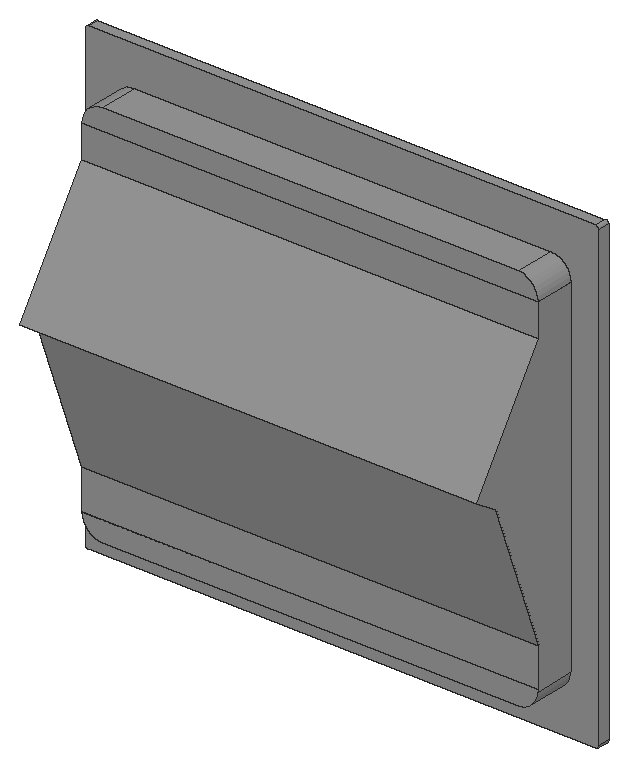
Revit family "L&L_LUCE&LIGHT_PASITO_1.1", category Lighting Fixtures, host Wall, Revit 2018
Family settings
  Host = Wall
  Round Connector Dimension = Use Diameter
  Part Type = Normal
  OmniClass Number = 23.80.00.00
  OmniClass Title = Electric Power and Lighting
  Always vertical = Yes
  Cut with Voids When Loaded = No
  Light Source = Yes
  Shared = No
  Room Calculation Point = No
Parameters (values of type "PASITO_1.1 – 60°")
  Wattage = 8.5 W
  WIDTH = 143.0 mm
  WEIGHT KG = 0.45
  URL IMAGE = "https://www.lucelight.it/media/prodotti/foto/pasito_1.1_still.jpg"
  URL DXF = "https://www.lucelight.it/media/prodotti/dxf/pasito_1.1.dxf"
  URL DESCRIPTION = "https://www.lucelight.it/en/capitolato.php/109964"
  URL CATALOGUE = "https://www.lucelight.it/media/prodotti/brochure/pasito_brochure_en.pdf"
  Type Comments = "recessed (wall)"
  THICKNESS = 43.0 mm
  TECHNICAL SHEET = "https://www.lucelight.it/media/prodotti/st/ST_PASITO_11.pdf"
  PROTECTION LEVEL = "IP 65"
  PRODUCT CODE CONFIGURATOR = "https://www.lucelight.it/en/prodotto.php/109964"
  POWER SUPPLY = "230Vac, 24Vdc"
  POWER CONSUMPTION = "10W (230Vac), 8.5W (24Vdc)"
  PHOTOMETRIC CURVE = ""
  MATERIAL DESCRIPTION = "body in technopolymer and aluminium"
  Lamp = "LED colour white: 2700K, 3000K, 4000K"
  LIGHT MATERIAL = LIGHT_GLASS
  LENGTH = 157.0 mm
  ILLUMINITECHNICAL PERFORMANCE = ""
  IES PHOTOMETRIC ARCHIVE = "https://www.lucelight.it/media/prodotti/fotometrie/pasito_1.1_ies.zip"
  ENERGY EFFIECIENCY CLASS = "A / A+ / A++"
  Dimming Lamp Color Temperature Shift = <None>
  URL = "https://www.lucelight.it/en/"
  built-in parameter 1150107 = 2700 (stored number, unit not read)
  Manufacturer = "L&L Luce&Light"
  built-in parameter 1150110 = 1 (stored number, unit not read)
  built-in parameter 1150109 = 1 (stored number, unit not read)
  built-in parameter 1114216 [instance] = (empty or 0)
  built-in parameter 1114218 = 1 (stored number, unit not read)
  built-in parameter 1150112 = 1 (stored number, unit not read)
  built-in parameter 1150142 = "IESNA:LM-63-2002\r\n[TEST] PASITO 11 30K80 60 ANTR - 20181002-1710.LDT\r\n[TESTLAB] L&L\r\n[TESTDATE] 2 Oct 2018\r\n[ISSUEDATE] 2 Oct 2018\r\n[MANUFAC] L&L\r\n[LUMCAT] PASITO 1.1 BE 60° [2700K 8.5W 24Vdc] white\r\n[LUMINAIRE] PASITO 1.1 BE 60° [2700K 8.5W 24Vdc] white\r\n[FLASHAREA] 0.000015\r\n[LAMPCAT] Power LED\r\n[LAMP] Power LED\r\nTILT=NONE\r\n1 272.00 1.0 181 73 1 2 0.002 0.030 0.000\r\n1.00 1.00 8.50\r\n0.00 1.00 2.00 3.00 4.00 5.00 6.00 7.00 8.00 9.00 10.00 \r\n11.00 12.00 13.00 14.00 15.00 16.00 17.00 18.00 19.00 \r\n20.00 21.00 22.00 23.00 24.00 25.00 26.00 27.00 28.00 \r\n29.00 30.00 31.00 32.00 33.00 34.00 35.00 36.00 37.00 \r\n38.00 39.00 40.00 41.00 42.00 43.00 44.00 45.00 46.00 \r\n47.00 48.00 49.00 50.00 51.00 52.00 53.00 54.00 55.00 \r\n56.00 57.00 58.00 59.00 60.00 61.00 62.00 63.00 64.00 \r\n65.00 66.00 67.00 68.00 69.00 70.00 71.00 72.00 73.00 \r\n74.00 75.00 76.00 77.00 78.00 79.00 80.00 81.00 82.00 \r\n83.00 84.00 85.00 86.00 87.00 88.00 89.00 90.00 91.00 \r\n92.00 93.00 94.00 95.00 96.00 97.00 98.00 99.00 100.00 \r\n101.00 102.00 103.00 104.00 105.00 106.00 107.00 108.00 \r\n109.00 110.00 111.00 112.00 113.00 114.00 115.00 116.00 \r\n117.00 118.00 119.00 120.00 121.00 122.00 123.00 124.00 \r\n125.00 126.00 127.00 128.00 129.00 130.00 131.00 132.00 \r\n133.00 134.00 135.00 136.00 137.00 138.00 139.00 140.00 \r\n141.00 142.00 143.00 144.00 145.00 146.00 147.00 148.00 \r\n149.00 150.00 151.00 152.00 153.00 154.00 155.00 156.00 \r\n157.00 158.00 159.00 160.00 161.00 162.00 163.00 164.00 \r\n165.00 166.00 167.00 168.00 169.00 170.00 171.00 172.00 \r\n173.00 174.00 175.00 176.00 177.00 178.00 179.00 180.00 \r\n0.00 5.00 10.00 15.00 20.00 25.00 30.00 35.00 40.00 45.00 \r\n50.00 55.00 60.00 65.00 70.00 75.00 80.00 85.00 90.00 \r\n95.00 100.00 105.00 110.00 115.00 120.00 125.00 130.00 \r\n135.00 140.00 145.00 150.00 155.00 160.00 165.00 170.00 \r\n175.00 180.00 185.00 190.00 195.00 200.00 205.00 210.00 \r\n215.00 220.00 225.00 230.00 235.00 240.00 245.00 250.00 \r\n255.00 260.00 265.00 270.00 275.00 280.00 285.00 290.00 \r\n295.00 300.00 305.00 310.00 315.00 320.00 325.00 330.00 \r\n335.00 340.00 345.00 350.00 355.00 360.00 \r\n0.07 0.07 0.07 0.07 0.07 0.07 0.07 0.07 0.07 0.07 0.07 \r\n0.07 0.07 0.07 0.08 0.08 0.08 0.08 0.08 0.09 0.09 0.09 \r\n0.09 0.09 0.10 0.10 0.10 0.10 0.11 0.11 0.11 0.11 0.11 \r\n0.12 0.12 0.12 0.12 0.13 0.13 0.13 0.13 0.14 0.14 0.14 \r\n0.14 0.15 0.15 0.15 0.15 0.15 0.16 0.16 0.16 0.16 0.17 \r\n0.17 0.17 0.17 0.17 0.17 0.18 0.18 0.18 0.18 0.18 0.18 \r\n0.19 0.19 0.19 0.19 0.19 0.19 0.19 0.19 0.20 0.20 0.20 \r\n0.20 0.20 0.20 0.20 0.20 0.21 0.21 0.21 0.21 0.21 0.21 \r\n0.21 0.21 0.22 0.22 0.22 0.22 0.22 0.22 0.22 0.22 0.22 \r\n0.22 0.22 0.22 0.22 0.22 0.22 0.22 0.22 0.22 0.22 0.21 \r\n0.21 0.21 0.21 0.21 0.21 0.20 0.20 0.20 0.20 0.19 0.19 \r\n0.19 0.19 0.18 0.18 0.18 0.18 0.18 0.17 0.17 0.17 0.17 \r\n0.16 0.16 0.16 0.15 0.15 0.15 0.14 0.14 0.14 0.13 0.13 \r\n0.13 0.12 0.12 0.11 0.11 0.11 0.10 0.10 0.09 0.09 0.09 \r\n0.08 0.08 0.08 0.07 0.07 0.07 0.06 0.06 0.06 0.06 0.05 \r\n0.05 0.05 0.05 0.04 0.04 0.04 0.04 0.04 0.04 0.04 0.04 \r\n0.04 0.03 0.03 0.02 0.02 \r\n0.07 0.07 0.06 0.05 0.04 0.04 0.03 0.02 0.02 0.01 0.01 \r\n0.00 0.00 0.00 0.00 0.00 0.00 0.00 0.00 0.00 0.00 0.00 \r\n0.00 0.00 0.00 0.00 0.00 0.00 0.00 0.00 0.00 0.00 0.00 \r\n0.00 0.00 0.00 0.00 0.00 0.00 0.00 0.00 0.00 0.00 0.00 \r\n0.00 0.00 0.00 0.00 0.00 0.00 0.00 0.00 0.00 0.00 0.00 \r\n0.00 0.00 0.00 0.00 0.00 0.00 0.00 0.00 0.00 0.00 0.00 \r\n0.00 0.00 0.00 0.00 0.00 0.00 0.00 0.00 0.00 0.00 0.00 \r\n0.00 0.00 0.00 0.00 0.00 0.00 0.00 0.00 0.00 0.00 0.00 \r\n0.00 0.00 0.00 0.00 0.00 0.00 0.00 0.00 0.00 0.00 0.00 \r\n0.00 0.00 0.00 0.00 0.00 0.00 0.00 0.00 0.00 0.00 0.00 \r\n0.00 0.00 0.00 0.00 0.00 0.00 0.00 0.00 0.00 0.00 0.00 \r\n0.00 0.00 0.00 0.00 0.00 0.00 0.00 0.00 0.00 0.00 0.00 \r\n0.00 0.00 0.00 0.00 0.00 0.00 0.00 0.00 0.00 0.00 0.00 \r\n0.00 0.00 0.00 0.00 0.00 0.00 0.00 0.00 0.00 0.00 0.00 \r\n0.00 0.00 0.00 0.00 0.00 0.00 0.00 0.00 0.00 0.00 0.00 \r\n0.00 0.00 0.00 0.00 0.00 0.00 0.01 0.01 0.01 0.01 0.02 \r\n0.02 0.02 0.02 0.02 0.02 \r\n0.07 0.06 0.05 0.03 0.02 0.01 0.00 0.00 0.00 0.00 0.00 \r\n0.00 0.00 0.00 0.00 0.00 0.00 0.00 0.00 0.00 0.00 0.00 \r\n0.00 0.00 0.00 0.00 0.00 0.00 0.00 0.00 0.00 0.00 0.00 \r\n0.00 0.00 0.00 0.00 0.00 0.00 0.00 0.00 0.00 0.00 0.00 \r\n0.00 0.00 0.00 0.00 0.00 0.00 0.00 0.00 0.00 0.00 0.00 \r\n0.00 0.00 0.00 0.00 0.00 0.00 0.00 0.00 0.00 0.00 0.00 \r\n0.00 0.00 0.00 0.00 0.00 0.00 0.00 0.00 0.00 0.00 0.00 \r\n0.00 0.00 0.00 0.00 0.00 0.00 0.00 0.00 0.00 0.00 0.00 \r\n0.00 0.00 0.00 0.00 0.00 0.00 0.00 0.00 0.00 0.00 0.00 \r\n0.00 0.00 0.00 0.00 0.00 0.00 0.00 0.00 0.00 0.00 0.00 \r\n0.00 0.00 0.00 0.00 0.00 0.00 0.00 0.00 0.00 0.00 0.00 \r\n0.00 0.00 0.00 0.00 0.00 0.00 0.00 0.00 0.00 0.00 0.00 \r\n0.00 0.00 0.00 0.00 0.00 0.00 0.00 0.00 0.00 0.00 0.00 \r\n0.00 0.00 0.00 0.00 0.00 0.00 0.00 0.00 0.00 0.00 0.00 \r\n0.00 0.00 0.00 0.00 0.00 0.00 0.00 0.00 0.00 0.00 0.00 \r\n0.00 0.00 0.00 0.00 0.00 0.00 0.00 0.00 0.00 0.00 0.00 \r\n0.01 0.01 0.02 0.02 0.02 \r\n0.07 0.05 0.04 0.02 0.00 0.00 0.00 0.00 0.00 0.00 0.00 \r\n0.00 0.00 0.00 0.00 0.00 0.00 0.00 0.00 0.00 0.00 0.00 \r\n0.00 0.00 0.00 0.00 0.00 0.00 0.00 0.00 0.00 0.00 0.00 \r\n0.00 0.00 0.00 0.00 0.00 0.00 0.00 0.00 0.00 0.00 0.00 \r\n0.00 0.00 0.00 0.00 0.00 0.00 0.00 0.00 0.00 0.00 0.00 \r\n0.00 0.00 0.00 0.00 0.00 0.00 0.00 0.00 0.00 0.00 0.00 \r\n0.00 0.00 0.00 0.00 0.00 0.00 0.00 0.00 0.00 0.00 0.00 \r\n0.00 0.00 0.00 0.00 0.00 0.00 0.00 0.00 0.00 0.00 0.00 \r\n0.00 0.00 0.00 0.00 0.00 0.00 0.00 0.00 0.00 0.00 0.00 \r\n0.00 0.00 0.00 0.00 0.00 0.00 0.00 0.00 0.00 0.00 0.00 \r\n0.00 0.00 0.00 0.00 0.00 0.00 0.00 0.00 0.00 0.00 0.00 \r\n0.00 0.00 0.00 0.00 0.00 0.00 0.00 0.00 0.00 0.00 0.00 \r\n0.00 0.00 0.00 0.00 0.00 0.00 0.00 0.00 0.00 0.00 0.00 \r\n0.00 0.00 0.00 0.00 0.00 0.00 0.00 0.00 0.00 0.00 0.00 \r\n0.00 0.00 0.00 0.00 0.00 0.00 0.00 0.00 0.00 0.00 0.00 \r\n0.00 0.00 0.00 0.00 0.00 0.00 0.00 0.00 0.00 0.00 0.00 \r\n0.00 0.01 0.01 0.02 0.02 \r\n0.07 0.05 0.02 0.00 0.00 0.00 0.00 0.00 0.00 0.00 0.00 \r\n0.00 0.00 0.00 0.00 0.00 0.00 0.00 0.00 0.00 0.00 0.00 \r\n0.00 0.00 0.00 0.00 0.00 0.00 0.00 0.00 0.00 0.00 0.00 \r\n0.00 0.00 0.00 0.00 0.00 0.00 0.00 0.00 0.00 0.00 0.00 \r\n0.00 0.00 0.00 0.00 0.00 0.00 0.00 0.00 0.00 0.00 0.00 \r\n0.00 0.00 0.00 0.00 0.00 0.00 0.00 0.00 0.00 0.00 0.00 \r\n0.00 0.00 0.00 0.00 0.00 0.00 0.00 0.00 0.00 0.00 0.00 \r\n0.00 0.00 0.00 0.00 0.00 0.00 0.00 0.00 0.00 0.00 0.00 \r\n0.00 0.00 0.00 0.00 0.00 0.00 0.00 0.00 0.00 0.00 0.00 \r\n0.00 0.00 0.00 0.00 0.00 0.00 0.00 0.00 0.00 0.00 0.00 \r\n0.00 0.00 0.00 0.00 0.00 0.00 0.00 0.00 0.00 0.00 0.00 \r\n0.00 0.00 0.00 0.00 0.00 0.00 0.00 0.00 0.00 0.00 0.00 \r\n0.00 0.00 0.00 0.00 0.00 0.00 0.00 0.00 0.00 0.00 0.00 \r\n0.00 0.00 0.00 0.00 0.00 0.00 0.00 0.00 0.00 0.00 0.00 \r\n0.00 0.00 0.00 0.00 0.00 0.00 0.00 0.00 0.00 0.00 0.00 \r\n0.00 0.00 0.00 0.00 0.00 0.00 0.00 0.00 0.00 0.00 0.00 \r\n0.00 0.00 0.01 0.01 0.02 \r\n0.07 0.04 0.01 0.00 0.00 0.00 0.00 0.00 0.00 0.00 0.00 \r\n0.00 0.00 0.00 0.00 0.00 0.00 0.00 0.00 0.00 0.00 0.00 \r\n0.00 0.00 0.00 0.00 0.00 0.00 0.00 0.00 0.00 0.00 0.00 \r\n0.00 0.00 0.00 0.00 0.00 0.00 0.00 0.00 0.00 0.00 0.00 \r\n0.00 0.00 0.00 0.00 0.00 0.00 0.00 0.00 0.00 0.00 0.00 \r\n0.00 0.00 0.00 0.00 0.00 0.00 0.00 0.00 0.00 0.00 0.00 \r\n0.00 0.00 0.00 0.00 0.00 0.00 0.00 0.00 0.00 0.00 0.00 \r\n0.00 0.00 0.00 0.00 0.00 0.00 0.00 0.00 0.00 0.00 0.00 \r\n0.00 0.00 0.00 0.00 0.00 0.00 0.00 0.00 0.00 0.00 0.00 \r\n0.00 0.00 0.00 0.00 0.00 0.00 0.00 0.00 0.00 0.00 0.00 \r\n0.00 0.00 0.00 0.00 0.00 0.00 0.00 0.00 0.00 0.00 0.00 \r\n0.00 0.00 0.00 0.00 0.00 0.00 0.00 0.00 0.00 0.00 0.00 \r\n0.00 0.00 0.00 0.00 0.00 0.00 0.00 0.00 0.00 0.00 0.00 \r\n0.00 0.00 0.00 0.00 0.00 0.00 0.00 0.00 0.00 0.00 0.00 \r\n0.00 0.00 0.00 0.00 0.00 0.00 0.00 0.00 0.00 0.00 0.00 \r\n0.00 0.00 0.00 0.00 0.00 0.00 0.00 0.00 0.00 0.00 0.00 \r\n0.00 0.00 0.00 0.01 0.02 \r\n0.07 0.04 0.00 0.00 0.00 0.00 0.00 0.00 0.00 0.00 0.00 \r\n0.00 0.00 0.00 0.00 0.00 0.00 0.00 0.00 0.00 0.00 0.00 \r\n0.00 0.00 0.00 0.00 0.00 0.00 0.00 0.00 0.00 0.00 0.00 \r\n0.00 0.00 0.00 0.00 0.00 0.00 0.00 0.00 0.00 0.00 0.00 \r\n0.00 0.00 0.00 0.00 0.00 0.00 0.00 0.00 0.00 0.00 0.00 \r\n0.00 0.00 0.00 0.00 0.00 0.00 0.00 0.00 0.00 0.00 0.00 \r\n0.00 0.00 0.00 0.00 0.00 0.00 0.00 0.00 0.00 0.00 0.00 \r\n0.00 0.00 0.00 0.00 0.00 0.00 0.00 0.00 0.00 0.00 0.00 \r\n0.00 0.00 0.00 0.00 0.00 0.00 0.00 0.00 0.00 0.00 0.00 \r\n0.00 0.00 0.00 0.00 0.00 0.00 0.00 0.00 0.00 0.00 0.00 \r\n0.00 0.00 0.00 0.00 0.00 0.00 0.00 0.00 0.00 0.00 0.00 \r\n0.00 0.00 0.00 0.00 0.00 0.00 0.00 0.00 0.00 0.00 0.00 \r\n0.00 0.00 0.00 0.00 0.00 0.00 0.00 0.00 0.00 0.00 0.00 \r\n0.00 0.00 0.00 0.00 0.00 0.00 0.00 0.00 0.00 0.00 0.00 \r\n0.00 0.00 0.00 0.00 0.00 0.00 0.00 0.00 0.00 0.00 0.00 \r\n0.00 0.00 0.00 0.00 0.00 0.00 0.00 0.00 0.00 0.00 0.00 \r\n0.00 0.00 0.00 0.01 0.02 \r\n0.07 0.03 0.00 0.00 0.00 0.00 0.00 0.00 0.00 0.00 0.00 \r\n0.00 0.00 0.00 0.00 0.00 0.00 0.00 0.00 0.00 0.00 0.00 \r\n0.00 0.00 0.00 0.00 0.00 0.00 0.00 0.00 0.00 0.00 0.00 \r\n0.00 0.00 0.00 0.00 0.00 0.00 0.00 0.00 0.00 0.00 0.00 \r\n0.00 0.00 0.00 0.00 0.00 0.00 0.00 0.00 0.00 0.00 0.00 \r\n0.00 0.00 0.00 0.00 0.00 0.00 0.00 0.00 0.00 0.00 0.00 \r\n0.00 0.00 0.00 0.00 0.00 0.00 0.00 0.00 0.00 0.00 0.00 \r\n0.00 0.00 0.00 0.00 0.00 0.00 0.00 0.00 0.00 0.00 0.00 \r\n0.00 0.00 0.00 0.00 0.00 0.00 0.00 0.00 0.00 0.00 0.00 \r\n0.00 0.00 0.00 0.00 0.00 0.00 0.00 0.00 0.00 0.00 0.00 \r\n0.00 0.00 0.00 0.00 0.00 0.00 0.00 0.00 0.00 0.00 0.00 \r\n0.00 0.00 0.00 0.00 0.00 0.00 0.00 0.00 0.00 0.00 0.00 \r\n0.00 0.00 0.00 0.00 0.00 0.00 0.00 0.00 0.00 0.00 0.00 \r\n0.00 0.00 0.00 0.00 0.00 0.00 0.00 0.00 0.00 0.00 0.00 \r\n0.00 0.00 0.00 0.00 0.00 0.00 0.00 0.00 0.00 0.00 0.00 \r\n0.00 0.00 0.00 0.00 0.00 0.00 0.00 0.00 0.00 0.00 0.00 \r\n0.00 0.00 0.00 0.01 0.02 \r\n0.07 0.03 0.00 0.00 0.00 0.00 0.00 0.00 0.00 0.00 0.00 \r\n0.00 0.00 0.00 0.00 0.00 0.00 0.00 0.00 0.00 0.00 0.00 \r\n0.00 0.00 0.00 0.00 0.00 0.00 0.00 0.00 0.00 0.00 0.00 \r\n0.00 0.00 0.00 0.00 0.00 0.00 0.00 0.00 0.00 0.00 0.00 \r\n0.00 0.00 0.00 0.00 0.00 0.00 0.00 0.00 0.00 0.00 0.00 \r\n0.00 0.00 0.00 0.00 0.00 0.00 0.00 0.00 0.00 0.00 0.00 \r\n0.00 0.00 0.00 0.00 0.00 0.00 0.00 0.00 0.00 0.00 0.00 \r\n0.00 0.00 0.00 0.00 0.00 0.00 0.00 0.00 0.00 0.00 0.00 \r\n0.00 0.00 0.00 0.00 0.00 0.00 0.00 0.00 0.00 0.00 0.00 \r\n0.00 0.00 0.00 0.00 0.00 0.00 0.00 0.00 0.00 0.00 0.00 \r\n0.00 0.00 0.00 0.00 0.00 0.00 0.00 0.00 0.00 0.00 0.00 \r\n0.00 0.00 0.00 0.00 0.00 0.00 0.00 0.00 0.00 0.00 0.00 \r\n0.00 0.00 0.00 0.00 0.00 0.00 0.00 0.00 0.00 0.00 0.00 \r\n0.00 0.00 0.00 0.00 0.00 0.00 0.00 0.00 0.00 0.00 0.00 \r\n0.00 0.00 0.00 0.00 0.00 0.00 0.00 0.00 0.00 0.00 0.00 \r\n0.00 0.00 0.00 0.00 0.00 0.00 0.00 0.00 0.00 0.00 0.00 \r\n0.00 0.00 0.00 0.01 0.02 \r\n0.07 0.02 0.00 0.00 0.00 0.00 0.00 0.00 0.00 0.00 0.00 \r\n0.00 0.00 0.00 0.00 0.00 0.00 0.00 0.00 0.00 0.00 0.00 \r\n0.00 0.00 0.00 0.00 0.00 0.00 0.00 0.00 0.00 0.00 0.00 \r\n0.00 0.00 0.00 0.00 0.00 0.00 0.00 0.00 0.00 0.00 0.00 \r\n0.00 0.00 0.00 0.00 0.00 0.00 0.00 0.00 0.00 0.00 0.00 \r\n0.00 0.00 0.00 0.00 0.00 0.00 0.00 0.00 0.00 0.00 0.00 \r\n0.00 0.00 0.00 0.00 0.00 0.00 0.00 0.00 0.00 0.00 0.00 \r\n0.00 0.00 0.00 0.00 0.00 0.00 0.00 0.00 0.00 0.00 0.00 \r\n0.00 0.00 0.00 0.00 0.00 0.00 0.00 0.00 0.00 0.00 0.00 \r\n0.00 0.00 0.00 0.00 0.00 0.00 0.00 0.00 0.00 0.00 0.00 \r\n0.00 0.00 0.00 0.00 0.00 0.00 0.00 0.00 0.00 0.00 0.00 \r\n0.00 0.00 0.00 0.00 0.00 0.00 0.00 0.00 0.00 0.00 0.00 \r\n0.00 0.00 0.00 0.00 0.00 0.00 0.00 0.00 0.00 0.00 0.00 \r\n0.00 0.00 0.00 0.00 0.00 0.00 0.00 0.00 0.00 0.00 0.00 \r\n0.00 0.00 0.00 0.00 0.00 0.00 0.00 0.00 0.00 0.00 0.00 \r\n0.00 0.00 0.00 0.00 0.00 0.00 0.00 0.00 0.00 0.00 0.00 \r\n0.00 0.00 0.00 0.00 0.02 \r\n0.07 0.02 0.00 0.00 0.00 0.00 0.00 0.00 0.00 0.00 0.00 \r\n0.00 0.00 0.00 0.00 0.00 0.00 0.00 0.00 0.00 0.00 0.00 \r\n0.00 0.00 0.00 0.00 0.00 0.00 0.00 0.00 0.00 0.00 0.00 \r\n0.00 0.00 0.00 0.00 0.00 0.00 0.00 0.00 0.00 0.00 0.00 \r\n0.00 0.00 0.00 0.00 0.00 0.00 0.00 0.00 0.00 0.00 0.00 \r\n0.00 0.00 0.00 0.00 0.00 0.00 0.00 0.00 0.00 0.00 0.00 \r\n0.00 0.00 0.00 0.00 0.00 0.00 0.00 0.00 0.00 0.00 0.00 \r\n0.00 0.00 0.00 0.00 0.00 0.00 0.00 0.00 0.00 0.00 0.00 \r\n0.00 0.00 0.00 0.00 0.00 0.00 0.00 0.00 0.00 0.00 0.00 \r\n0.00 0.00 0.00 0.00 0.00 0.00 0.00 0.00 0.00 0.00 0.00 \r\n0.00 0.00 0.00 0.00 0.00 0.00 0.00 0.00 0.00 0.00 0.00 \r\n0.00 0.00 0.00 0.00 0.00 0.00 0.00 0.00 0.00 0.00 0.00 \r\n0.00 0.00 0.00 0.00 0.00 0.00 0.00 0.00 0.00 0.00 0.00 \r\n0.00 0.00 0.00 0.00 0.00 0.00 0.00 0.00 0.00 0.00 0.00 \r\n0.00 0.00 0.00 0.00 0.00 0.00 0.00 0.00 0.00 0.00 0.00 \r\n0.00 0.00 0.00 0.00 0.00 0.00 0.00 0.00 0.00 0.00 0.00 \r\n0.00 0.00 0.00 0.00 0.02 \r\n0.07 0.01 0.00 0.00 0.00 0.00 0.00 0.00 0.00 0.00 0.00 \r\n0.00 0.00 0.00 0.00 0.00 0.00 0.00 0.00 0.00 0.00 0.00 \r\n0.00 0.00 0.00 0.00 0.00 0.00 0.00 0.00 0.00 0.00 0.00 \r\n0.00 0.00 0.00 0.00 0.00 0.00 0.00 0.00 0.00 0.00 0.00 \r\n0.00 0.00 0.00 0.00 0.00 0.00 0.00 0.00 0.00 0.00 0.00 \r\n0.00 0.00 0.00 0.00 0.00 0.00 0.00 0.00 0.00 0.00 0.00 \r\n0.00 0.00 0.00 0.00 0.00 0.00 0.00 0.00 0.00 0.00 0.00 \r\n0.00 0.00 0.00 0.00 0.00 0.00 0.00 0.00 0.00 0.00 0.00 \r\n0.00 0.00 0.00 0.00 0.00 0.00 0.00 0.00 0.00 0.00 0.00 \r\n0.00 0.00 0.00 0.00 0.00 0.00 0.00 0.00 0.00 0.00 0.00 \r\n0.00 0.00 0.00 0.00 0.00 0.00 0.00 0.00 0.00 0.00 0.00 \r\n0.00 0.00 0.00 0.00 0.00 0.00 0.00 0.00 0.00 0.00 0.00 \r\n0.00 0.00 0.00 0.00 0.00 0.00 0.00 0.00 0.00 0.00 0.00 \r\n0.00 0.00 0.00 0.00 0.00 0.00 0.00 0.00 0.00 0.00 0.00 \r\n0.00 0.00 0.00 0.00 0.00 0.00 0.00 0.00 0.00 0.00 0.00 \r\n0.00 0.00 0.00 0.00 0.00 0.00 0.00 0.00 0.00 0.00 0.00 \r\n0.00 0.00 0.00 0.00 0.02 \r\n0.07 0.01 0.00 0.00 0.00 0.00 0.00 0.00 0.00 0.00 0.00 \r\n0.00 0.00 0.00 0.00 0.00 0.00 0.00 0.00 0.00 0.00 0.00 \r\n0.00 0.00 0.00 0.00 0.00 0.00 0.00 0.00 0.00 0.00 0.00 \r\n0.00 0.00 0.00 0.00 0.00 0.00 0.00 0.00 0.00 0.00 0.00 \r\n0.00 0.00 0.00 0.00 0.00 0.00 0.00 0.00 0.00 0.00 0.00 \r\n0.00 0.00 0.00 0.00 0.00 0.00 0.00 0.00 0.00 0.00 0.00 \r\n0.00 0.00 0.00 0.00 0.00 0.00 0.00 0.00 0.00 0.00 0.00 \r\n0.00 0.00 0.00 0.00 0.00 0.00 0.00 0.00 0.00 0.00 0.00 \r\n0.00 0.00 0.00 0.00 0.00 0.00 0.00 0.00 0.00 0.00 0.00 \r\n0.00 0.00 0.00 0.00 0.00 0.00 0.00 0.00 0.00 0.00 0.00 \r\n0.00 0.00 0.00 0.00 0.00 0.00 0.00 0.00 0.00 0.00 0.00 \r\n0.00 0.00 0.00 0.00 0.00 0.00 0.00 0.00 0.00 0.00 0.00 \r\n0.00 0.00 0.00 0.00 0.00 0.00 0.00 0.00 0.00 0.00 0.00 \r\n0.00 0.00 0.00 0.00 0.00 0.00 0.00 0.00 0.00 0.00 0.00 \r\n0.00 0.00 0.00 0.00 0.00 0.00 0.00 0.00 0.00 0.00 0.00 \r\n0.00 0.00 0.00 0.00 0.00 0.00 0.00 0.00 0.00 0.00 0.00 \r\n0.00 0.00 0.00 0.00 0.02 \r\n0.07 0.01 0.00 0.00 0.00 0.00 0.00 0.00 0.00 0.00 0.00 \r\n0.00 0.00 0.00 0.00 0.00 0.00 0.00 0.00 0.00 0.00 0.00 \r\n0.00 0.00 0.00 0.00 0.00 0.00 0.00 0.00 0.00 0.00 0.00 \r\n0.00 0.00 0.00 0.00 0.00 0.00 0.00 0.00 0.00 0.00 0.00 \r\n0.00 0.00 0.00 0.00 0.00 0.00 0.00 0.00 0.00 0.00 0.00 \r\n0.00 0.00 0.00 0.00 0.00 0.00 0.00 0.00 0.00 0.00 0.00 \r\n0.00 0.00 0.00 0.00 0.00 0.00 0.00 0.00 0.00 0.00 0.00 \r\n0.00 0.00 0.00 0.00 0.00 0.00 0.00 0.00 0.00 0.00 0.00 \r\n0.00 0.00 0.00 0.00 0.00 0.00 0.00 0.00 0.00 0.00 0.00 \r\n0.00 0.00 0.00 0.00 0.00 0.00 0.00 0.00 0.00 0.00 0.00 \r\n0.00 0.00 0.00 0.00 0.00 0.00 0.00 0.00 0.00 0.00 0.00 \r\n0.00 0.00 0.00 0.00 0.00 0.00 0.00 0.00 0.00 0.00 0.00 \r\n0.00 0.00 0.00 0.00 0.00 0.00 0.00 0.00 0.00 0.00 0.00 \r\n0.00 0.00 0.00 0.00 0.00 0.00 0.00 0.00 0.00 0.00 0.00 \r\n0.00 0.00 0.00 0.00 0.00 0.00 0.00 0.00 0.00 0.00 0.00 \r\n0.00 0.00 0.00 0.00 0.00 0.00 0.00 0.00 0.00 0.00 0.00 \r\n0.00 0.00 0.00 0.00 0.02 \r\n0.07 0.00 0.00 0.00 0.00 0.00 0.00 0.00 0.00 0.00 0.00 \r\n0.00 0.00 0.00 0.00 0.00 0.00 0.00 0.00 0.00 0.00 0.00 \r\n0.00 0.00 0.00 0.00 0.00 0.00 0.00 0.00 0.00 0.00 0.00 \r\n0.00 0.00 0.00 0.00 0.00 0.00 0.00 0.00 0.00 0.00 0.00 \r\n0.00 0.00 0.00 0.00 0.00 0.00 0.00 0.00 0.00 0.00 0.00 \r\n0.00 0.00 0.00 0.00 0.00 0.00 0.00 0.00 0.00 0.00 0.00 \r\n0.00 0.00 0.00 0.00 0.00 0.00 0.00 0.00 0.00 0.00 0.00 \r\n0.00 0.00 0.00 0.00 0.00 0.00 0.00 0.00 0.00 0.00 0.00 \r\n0.00 0.00 0.00 0.00 0.00 0.00 0.00 0.00 0.00 0.00 0.00 \r\n0.00 0.00 0.00 0.00 0.00 0.00 0.00 0.00 0.00 0.00 0.00 \r\n0.00 0.00 0.00 0.00 0.00 0.00 0.00 0.00 0.00 0.00 0.00 \r\n0.00 0.00 0.00 0.00 0.00 0.00 0.00 0.00 0.00 0.00 0.00 \r\n0.00 0.00 0.0
